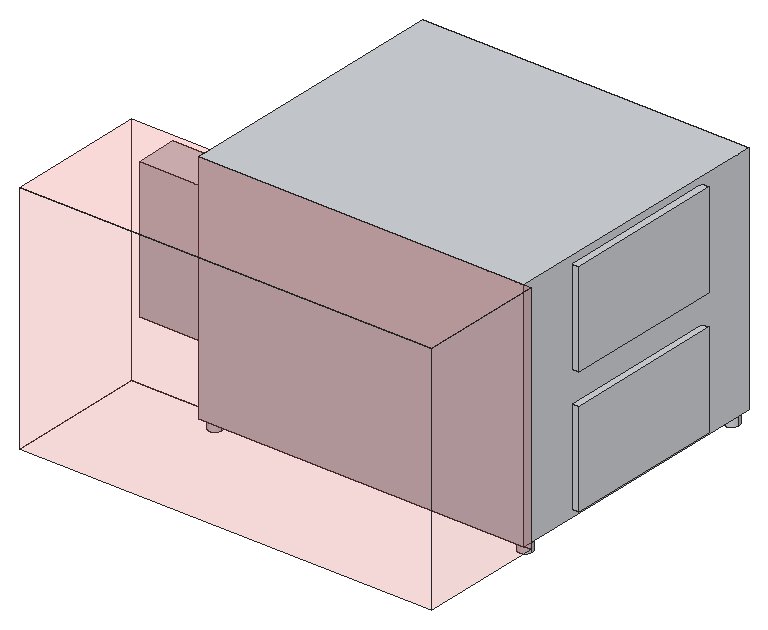
Revit family
Parameters (values of type "115 V Single Phase")
  Weight Scheduled [instance] = 414  # constant formula
  Voltage Workaround = Voltage / 1 V  # 115
  Voltage Scheduled = Voltage  # 115 V
  Voltage = 115 V
  VoltAmps Workaround [instance] = Voltage Workaround * Total FLA * sqrt(Phase)  # 0
  VoltAmps [instance] = VoltAmps Workaround * 1 VA  # 0 VA
  VFD [instance] = no
  URL = "http://www.renewaire.com/_assets/files/SubmittalForms/HE2XINHSubmittal.pdf"
  Total FLA [instance] = if(or(Supply Motor FLA = 0, Exhaust Motor FLA = 0), 0, (Supply Motor FLA * Supply Motor Count) + (Exhaust Motor FLA * Exhaust Motor Count))  # 0
  Supply Motor RPM Scheduled [instance] = Supply Motor RPM  # 0
  Supply Motor RPM [instance] = if(and(or(Supply ESP = 0, Supply ESP > 0), Supply ESP < 0.25), if(Supply Motor HP = 1.5, if(Supply CFM > 2025 CFM, 0, if(Supply CFM > 1809 CFM, 1460, if(Supply CFM > 1592 CFM, 1304, 1148))), if(Supply Motor HP = 2, if(Supply CFM > 2130 CFM, 0, 1506), 0)), if(and(or(Supply ESP = 0.25, Supply ESP > 0.25), Supply ESP < 0.5), if(Supply Motor HP = 1.5, if(Supply CFM > 1950 CFM, 0, if(Supply CFM > 1720 CFM, 1460, if(Supply CFM > 1480 CFM, 1304, 1148))), if(Supply Motor HP = 2, if(Supply CFM > 2170 CFM, 0, if(Supply CFM > 2050 CFM, 1584, 1506)), 0)), if(and(or(Supply ESP = 0.5, Supply ESP > 0.5), Supply ESP < 0.75), if(Supply Motor HP = 1.5, if(Supply CFM > 1845 CFM, 0, if(Supply CFM > 1600 CFM, 1460, if(Supply CFM > 1320 CFM, 1304, 1148))), if(Supply Motor HP = 2, if(Supply CFM > 2200 CFM, 0, if(Supply CFM > 2080 CFM, 1661, if(Supply CFM > 1955 CFM, 1584, 1506))), 0)), if(and(or(Supply ESP = 0.75, Supply ESP > 0.75), Supply ESP < 1), if(Supply Motor HP = 1.5, if(Supply CFM > 1715 CFM, 0, if(Supply CFM > 1410 CFM, 1460, if(Supply CFM > 1120 CFM, 1304, 1148))), if(Supply Motor HP = 2, if(Supply CFM > 2100 CFM, 0, if(Supply CFM > 1970 CFM, 1661, if(Supply CFM > 1840 CFM, 1584, 1506))), 0)), if(and(or(Supply ESP = 1, Supply ESP > 1), Supply ESP < 1.25), if(Supply Motor HP = 1.5, if(Supply CFM > 1540 CFM, 0, if(Supply CFM > 1250 CFM, 1460, if(Supply CFM > 800 CFM, 1306, 1148))), if(Supply Motor HP = 2, if(Supply CFM > 2000 CFM, 0, if(Supply CFM > 1870 CFM, 1661, if(Supply CFM > 1735 CFM, 1584, 1506))), 0)), if(and(or(Supply ESP = 1.25, Supply ESP > 1.25), Supply ESP < 1.5), if(Supply Motor HP = 1.5, if(Supply CFM > 1400 CFM, 0, if(Supply CFM > 975 CFM, 1460, 1304)), if(Supply Motor HP = 2, if(Supply CFM > 1900 CFM, 0, if(Supply CFM > 1765 CFM, 1661, if(Supply CFM > 1585 CFM, 1584, 1506))), 0)), if(Supply ESP = 1.5, if(Supply Motor HP = 1.5, if(Supply CFM > 1165 CFM, 0, if(Supply CFM > 630 CFM, 1460, 1304)), if(Supply Motor HP = 2, if(Supply CFM > 1765 CFM, 0, if(Supply CFM > 1565 CFM, 1661, if(Supply CFM > 1360 CFM, 1584, 1506))), 0)), 0)))))))  # 0
  Supply Motor HP Scheduled [instance] = Supply Motor HP  # 0
  Supply Motor HP [instance] = 0
  Supply Motor FLA [instance] = if(VFD, if(Supply Motor BHP = 0, 0, if(Supply Motor HP = 1.5, if(and(or(Voltage = 208 V, Voltage = 230 V), Phase = 1), 4.8, if(and(or(Voltage = 208 V, Voltage = 230 V), Phase = 3), 4.8, if(and(Voltage = 460 V, Phase = 3), 2.4, if(and(Voltage = 575 V, Phase = 3), 1.8, 0)))), if(Supply Motor HP = 2, if(and(or(Voltage = 208 V, Voltage = 230 V), Phase = 1), 6.1, if(and(or(Voltage = 208 V, Voltage = 230 V), Phase = 3), 6.1, if(and(Voltage = 460 V, Phase = 3), 2.9, if(and(Voltage = 575 V, Phase = 3), 2.4, 0)))), 0))), if(Supply Motor BHP = 0, 0, if(Supply Motor HP = 1.5, if(and(Voltage = 115 V, Phase = 1), 15.2, if(and(or(Voltage = 208 V, Voltage = 230 V), Phase = 1), 8.2, if(and(or(Voltage = 208 V, Voltage = 230 V), Phase = 3), 4.6, if(and(Voltage = 460 V, Phase = 3), 2.4, if(and(Voltage = 575 V, Phase = 3), 1.8, 0))))), if(Supply Motor HP = 2, if(and(Voltage = 115 V, Phase = 1), 20, if(and(or(Voltage = 208 V, Voltage = 230 V), Phase = 1), 10.8, if(and(or(Voltage = 208 V, Voltage = 230 V), Phase = 3), 6.1, if(and(Voltage = 460 V, Phase = 3), 2.9, if(and(Voltage = 575 V, Phase = 3), 2.4, 0))))), 0))))  # 0
  Supply Motor Count Scheduled [instance] = Supply Motor Count  # 1
  Supply Motor Count [instance] = if(Supply Motor HP = 0.75, 2, 1)  # 1
  Supply Motor BHP [instance] = if(and(or(Supply ESP = 0, Supply ESP > 0), Supply ESP < 0.25), if(Supply Motor HP = 1.5, if(Supply CFM > 2025 CFM, 0, if(Supply CFM > 1809 CFM, 1.5, if(Supply CFM > 1592 CFM, 1, 0.7))), if(Supply Motor HP = 2, if(Supply CFM > 2130 CFM, 0, 1.6), 0)), if(and(or(Supply ESP = 0.25, Supply ESP > 0.25), Supply ESP < 0.5), if(Supply Motor HP = 1.5, if(Supply CFM > 1950 CFM, 0, if(Supply CFM > 1720 CFM, 1.4, if(Supply CFM > 1480 CFM, 1, 0.7))), if(Supply Motor HP = 2, if(Supply CFM > 2170 CFM, 0, if(Supply CFM > 2050 CFM, 1.8, 1.5)), 0)), if(and(or(Supply ESP = 0.5, Supply ESP > 0.5), Supply ESP < 0.75), if(Supply Motor HP = 1.5, if(Supply CFM > 1845 CFM, 0, if(Supply CFM > 1600 CFM, 1.3, if(Supply CFM > 1320 CFM, 0.6, 0.9))), if(Supply Motor HP = 2, if(Supply CFM > 2200 CFM, 0, if(Supply CFM > 2080 CFM, 1.9, if(Supply CFM > 1955 CFM, 1.7, 1.4))), 0)), if(and(or(Supply ESP = 0.75, Supply ESP > 0.75), Supply ESP < 1), if(Supply Motor HP = 1.5, if(Supply CFM > 1715 CFM, 0, if(Supply CFM > 1410 CFM, 1.2, if(Supply CFM > 1120 CFM, 0.8, 0.5))), if(Supply Motor HP = 2, if(Supply CFM > 2100 CFM, 0, if(Supply CFM > 1970 CFM, 1.8, if(Supply CFM > 1840 CFM, 1.5, 1.3))), 0)), if(and(or(Supply ESP = 1, Supply ESP > 1), Supply ESP < 1.25), if(Supply Motor HP = 1.5, if(Supply CFM > 1540 CFM, 0, if(Supply CFM > 1250 CFM, 1.1, if(Supply CFM > 800 CFM, 0.7, 0.4))), if(Supply Motor HP = 2, if(Supply CFM > 2000 CFM, 0, if(Supply CFM > 1870 CFM, 1.7, if(Supply CFM > 1735 CFM, 1.4, 1.2))), 0)), if(and(or(Supply ESP = 1.25, Supply ESP > 1.25), Supply ESP < 1.5), if(Supply Motor HP = 1.5, if(Supply CFM > 1400 CFM, 0, if(Supply CFM > 975 CFM, 1, 0.6)), if(Supply Motor HP = 2, if(Supply CFM > 1900 CFM, 0, if(Supply CFM > 1765 CFM, 1.5, if(Supply CFM > 1585 CFM, 1.3, 1))), 0)), if(Supply ESP = 1.5, if(Supply Motor HP = 1.5, if(Supply CFM > 1165 CFM, 0, if(Supply CFM > 630 CFM, 0.8, 0.4)), if(Supply Motor HP = 2, if(Supply CFM > 1765 CFM, 0, if(Supply CFM > 1565 CFM, 1.4, if(Supply CFM > 1360 CFM, 1.1, 0.9))), 0)), 0)))))))  # 0
  Supply ESP Scheduled [instance] = Supply ESP  # 0
  Supply ESP [instance] = 0
  Supply CFM Scheduled [instance] = Supply CFM  # 0 CFM
  Supply CFM [instance] = 0 CFM
  Supply Air Winter RH Scheduled [instance] = 0
  Supply Air Winter DB Scheduled [instance] = 0
  Supply Air Summer RH Scheduled [instance] = 0
  Supply Air Summer DB Scheduled [instance] = 0
  Phase Scheduled = Phase  # 1
  Phase = 1
  Outside Air Winter RH Scheduled [instance] = 0
  Outside Air Winter DB Scheduled [instance] = 0
  Outside Air Summer RH Scheduled [instance] = 0
  Outside Air Summer DB Scheduled [instance] = 0
  Number of Poles = 1
  Model = "HE2XINH"
  Manufacturer = "RenewAire"
  MOCP Scheduled [instance] = MOCP  # 0
  MOCP [instance] = if(VFD, if(Total FLA = 0, 0, if(and(or(Voltage = 208 V, Voltage = 230 V), Phase = 1), if(and(Supply Motor HP = 1.5, Exhaust Motor HP = 1.5), 25, if(and(Supply Motor HP = 2, Exhaust Motor HP = 1.5), 20, if(and(Supply Motor HP = 1.5, Exhaust Motor HP = 2), 20, if(and(Supply Motor HP = 2, Exhaust Motor HP = 2), 30, 0)))), if(and(or(Voltage = 208 V, Voltage = 230 V), Phase = 3), if(and(Supply Motor HP = 1.5, Exhaust Motor HP = 1.5), 15, if(and(Supply Motor HP = 2, Exhaust Motor HP = 1.5), 15, if(and(Supply Motor HP = 1.5, Exhaust Motor HP = 2), 15, if(and(Supply Motor HP = 2, Exhaust Motor HP = 2), 15, 0)))), if(and(Voltage = 460 V, Phase = 3), if(and(Supply Motor HP = 1.5, Exhaust Motor HP = 1.5), 15, if(and(Supply Motor HP = 2, Exhaust Motor HP = 1.5), 15, if(and(Supply Motor HP = 1.5, Exhaust Motor HP = 2), 15, if(and(Supply Motor HP = 2, Exhaust Motor HP = 2), 15, 0)))), if(and(Voltage = 575 V, Phase = 3), if(and(Supply Motor HP = 1.5, Exhaust Motor HP = 1.5), 15, if(and(Supply Motor HP = 2, Exhaust Motor HP = 1.5), 15, if(and(Supply Motor HP = 1.5, Exhaust Motor HP = 2), 15, if(and(Supply Motor HP = 2, Exhaust Motor HP = 2), 15, 0)))), 0))))), if(Total FLA = 0, 0, if(and(Voltage = 115 V, Phase = 1), if(and(Supply Motor HP = 1.5, Exhaust Motor HP = 1.5), 45, if(and(Supply Motor HP = 2, Exhaust Motor HP = 1.5), 60, if(and(Supply Motor HP = 1.5, Exhaust Motor HP = 2), 60, if(and(Supply Motor HP = 2, Exhaust Motor HP = 2), 60, 0)))), if(and(or(Voltage = 208 V, Voltage = 230 V), Phase = 1), if(and(Supply Motor HP = 1.5, Exhaust Motor HP = 1.5), 25, if(and(Supply Motor HP = 2, Exhaust Motor HP = 1.5), 30, if(and(Supply Motor HP = 1.5, Exhaust Motor HP = 2), 30, if(and(Supply Motor HP = 2, Exhaust Motor HP = 2), 35, 0)))), if(and(or(Voltage = 208 V, Voltage = 230 V), Phase = 3), if(and(Supply Motor HP = 1.5, Exhaust Motor HP = 1.5), 15, if(and(Supply Motor HP = 2, Exhaust Motor HP = 1.5), 15, if(and(Supply Motor HP = 1.5, Exhaust Motor HP = 2), 15, if(and(Supply Motor HP = 2, Exhaust Motor HP = 2), 15, 0)))), if(and(Voltage = 460 V, Phase = 3), if(and(Supply Motor HP = 1.5, Exhaust Motor HP = 1.5), 15, if(and(Supply Motor HP = 2, Exhaust Motor HP = 1.5), 15, if(and(Supply Motor HP = 1.5, Exhaust Motor HP = 2), 15, if(and(Supply Motor HP = 2, Exhaust Motor HP = 2), 15, 0)))), if(and(Voltage = 575 V, Phase = 3), if(and(Supply Motor HP = 1.5, Exhaust Motor HP = 1.5), 15, if(and(Supply Motor HP = 2, Exhaust Motor HP = 1.5), 15, if(and(Supply Motor HP = 1.5, Exhaust Motor HP = 2), 15, if(and(Supply Motor HP = 2, Exhaust Motor HP = 2), 15, 0)))), 0)))))))  # 0
  MCA Scheduled [instance] = MCA  # 0
  MCA [instance] = if(VFD, if(Total FLA = 0, 0, if(and(or(Voltage = 208 V, Voltage = 230 V), Phase = 1), if(and(Supply Motor HP = 1.5, Exhaust Motor HP = 1.5), 20.6, if(and(Supply Motor HP = 2, Exhaust Motor HP = 1.5), 23.6, if(and(Supply Motor HP = 1.5, Exhaust Motor HP = 2), 23.6, if(and(Supply Motor HP = 2, Exhaust Motor HP = 2), 26, 0)))), if(and(or(Voltage = 208 V, Voltage = 230 V), Phase = 3), if(and(Supply Motor HP = 1.5, Exhaust Motor HP = 1.5), 11.9, if(and(Supply Motor HP = 2, Exhaust Motor HP = 1.5), 13.6, if(and(Supply Motor HP = 1.5, Exhaust Motor HP = 2), 13.6, if(and(Supply Motor HP = 2, Exhaust Motor HP = 2), 15, 0)))), if(and(Voltage = 460 V, Phase = 3), if(and(Supply Motor HP = 1.5, Exhaust Motor HP = 1.5), 5.9, if(and(Supply Motor HP = 2, Exhaust Motor HP = 1.5), 6.6, if(and(Supply Motor HP = 1.5, Exhaust Motor HP = 2), 6.6, if(and(Supply Motor HP = 2, Exhaust Motor HP = 2), 7.2, 0)))), if(and(Voltage = 575 V, Phase = 3), if(and(Supply Motor HP = 1.5, Exhaust Motor HP = 1.5), 4.5, if(and(Supply Motor HP = 2, Exhaust Motor HP = 1.5), 5.3, if(and(Supply Motor HP = 1.5, Exhaust Motor HP = 2), 5.3, if(and(Supply Motor HP = 2, Exhaust Motor HP = 2), 5.9, 0)))), 0))))), if(Total FLA = 0, 0, if(and(Voltage = 115 V, Phase = 1), if(and(Supply Motor HP = 1.5, Exhaust Motor HP = 1.5), 34.2, if(and(Supply Motor HP = 2, Exhaust Motor HP = 1.5), 40.2, if(and(Supply Motor HP = 1.5, Exhaust Motor HP = 2), 40.2, if(and(Supply Motor HP = 2, Exhaust Motor HP = 2), 45, 0)))), if(and(or(Voltage = 208 V, Voltage = 230 V), Phase = 1), if(and(Supply Motor HP = 1.5, Exhaust Motor HP = 1.5), 18.5, if(and(Supply Motor HP = 2, Exhaust Motor HP = 1.5), 21.7, if(and(Supply Motor HP = 1.5, Exhaust Motor HP = 2), 21.7, if(and(Supply Motor HP = 2, Exhaust Motor HP = 2), 24.3, 0)))), if(and(or(Voltage = 208 V, Voltage = 230 V), Phase = 3), if(and(Supply Motor HP = 1.5, Exhaust Motor HP = 1.5), 11.9, if(and(Supply Motor HP = 2, Exhaust Motor HP = 1.5), 13.6, if(and(Supply Motor HP = 1.5, Exhaust Motor HP = 2), 13.6, if(and(Supply Motor HP = 2, Exhaust Motor HP = 2), 13.6, 0)))), if(and(Voltage = 460 V, Phase = 3), if(and(Supply Motor HP = 1.5, Exhaust Motor HP = 1.5), 5.4, if(and(Supply Motor HP = 2, Exhaust Motor HP = 1.5), 6, if(and(Supply Motor HP = 1.5, Exhaust Motor HP = 2), 6, if(and(Supply Motor HP = 2, Exhaust Motor HP = 2), 6.5, 0)))), if(and(Voltage = 575 V, Phase = 3), if(and(Supply Motor HP = 1.5, Exhaust Motor HP = 1.5), 4.1, if(and(Supply Motor HP = 2, Exhaust Motor HP = 1.5), 4.8, if(and(Supply Motor HP = 1.5, Exhaust Motor HP = 2), 4.8, if(and(Supply Motor HP = 2, Exhaust Motor HP = 2), 5.4, 0)))), 0)))))))  # 0
  FLA Scheduled [instance] = Total FLA  # 0
  Exhaust RH Scheduled [instance] = 0
  Exhaust Motor RPM Scheduled [instance] = Exhaust Motor RPM  # 0
  Exhaust Motor RPM [instance] = if(and(or(Exhaust ESP = 0, Exhaust ESP > 0), Exhaust ESP < 0.25), if(Exhaust Motor HP = 1.5, if(Exhaust CFM > 2025 CFM, 0, if(Exhaust CFM > 1809 CFM, 1460, if(Exhaust CFM > 1592 CFM, 1304, 1148))), if(Exhaust Motor HP = 2, if(Exhaust CFM > 2130 CFM, 0, 1506), 0)), if(and(or(Exhaust ESP = 0.25, Exhaust ESP > 0.25), Exhaust ESP < 0.5), if(Exhaust Motor HP = 1.5, if(Exhaust CFM > 1950 CFM, 0, if(Exhaust CFM > 1720 CFM, 1460, if(Exhaust CFM > 1480 CFM, 1304, 1148))), if(Exhaust Motor HP = 2, if(Exhaust CFM > 2170 CFM, 0, if(Exhaust CFM > 2050 CFM, 1584, 1506)), 0)), if(and(or(Exhaust ESP = 0.5, Exhaust ESP > 0.5), Exhaust ESP < 0.75), if(Exhaust Motor HP = 1.5, if(Exhaust CFM > 1845 CFM, 0, if(Exhaust CFM > 1600 CFM, 1460, if(Exhaust CFM > 1320 CFM, 1304, 1148))), if(Exhaust Motor HP = 2, if(Exhaust CFM > 2200 CFM, 0, if(Exhaust CFM > 2080 CFM, 1661, if(Exhaust CFM > 1955 CFM, 1584, 1506))), 0)), if(and(or(Exhaust ESP = 0.75, Exhaust ESP > 0.75), Exhaust ESP < 1), if(Exhaust Motor HP = 1.5, if(Exhaust CFM > 1715 CFM, 0, if(Exhaust CFM > 1410 CFM, 1460, if(Exhaust CFM > 1120 CFM, 1304, 1148))), if(Exhaust Motor HP = 2, if(Exhaust CFM > 2100 CFM, 0, if(Exhaust CFM > 1970 CFM, 1661, if(Exhaust CFM > 1840 CFM, 1584, 1506))), 0)), if(and(or(Exhaust ESP = 1, Exhaust ESP > 1), Exhaust ESP < 1.25), if(Exhaust Motor HP = 1.5, if(Exhaust CFM > 1540 CFM, 0, if(Exhaust CFM > 1250 CFM, 1460, if(Exhaust CFM > 800 CFM, 1306, 1148))), if(Exhaust Motor HP = 2, if(Exhaust CFM > 2000 CFM, 0, if(Exhaust CFM > 1870 CFM, 1661, if(Exhaust CFM > 1735 CFM, 1584, 1506))), 0)), if(and(or(Exhaust ESP = 1.25, Exhaust ESP > 1.25), Exhaust ESP < 1.5), if(Exhaust Motor HP = 1.5, if(Exhaust CFM > 1400 CFM, 0, if(Exhaust CFM > 975 CFM, 1460, 1304)), if(Exhaust Motor HP = 2, if(Exhaust CFM > 1900 CFM, 0, if(Exhaust CFM > 1765 CFM, 1661, if(Exhaust CFM > 1585 CFM, 1584, 1506))), 0)), if(Exhaust ESP = 1.5, if(Exhaust Motor HP = 1.5, if(Exhaust CFM > 1165 CFM, 0, if(Exhaust CFM > 630 CFM, 1460, 1304)), if(Exhaust Motor HP = 2, if(Exhaust CFM > 1765 CFM, 0, if(Exhaust CFM > 1565 CFM, 1661, if(Exhaust CFM > 1360 CFM, 1584, 1506))), 0)), 0)))))))  # 0
  Exhaust Motor HP Scheduled [instance] = Exhaust Motor HP  # 0
  Exhaust Motor HP [instance] = 0
  Exhaust Motor FLA [instance] = if(VFD, if(Exhaust Motor BHP = 0, 0, if(Exhaust Motor HP = 1.5, if(and(or(Voltage = 208 V, Voltage = 230 V), Phase = 1), 4.8, if(and(or(Voltage = 208 V, Voltage = 230 V), Phase = 3), 4.8, if(and(Voltage = 460 V, Phase = 3), 2.4, if(and(Voltage = 575 V, Phase = 3), 1.8, 0)))), if(Exhaust Motor HP = 2, if(and(or(Voltage = 208 V, Voltage = 230 V), Phase = 1), 6.1, if(and(or(Voltage = 208 V, Voltage = 230 V), Phase = 3), 6.1, if(and(Voltage = 460 V, Phase = 3), 2.9, if(and(Voltage = 575 V, Phase = 3), 2.4, 0)))), 0))), if(Exhaust Motor BHP = 0, 0, if(Exhaust Motor HP = 1.5, if(and(Voltage = 115 V, Phase = 1), 15.2, if(and(or(Voltage = 208 V, Voltage = 230 V), Phase = 1), 8.2, if(and(or(Voltage = 208 V, Voltage = 230 V), Phase = 3), 4.6, if(and(Voltage = 460 V, Phase = 3), 2.4, if(and(Voltage = 575 V, Phase = 3), 1.8, 0))))), if(Exhaust Motor HP = 2, if(and(Voltage = 115 V, Phase = 1), 20, if(and(or(Voltage = 208 V, Voltage = 230 V), Phase = 1), 10.8, if(and(or(Voltage = 208 V, Voltage = 230 V), Phase = 3), 6.1, if(and(Voltage = 460 V, Phase = 3), 2.9, if(and(Voltage = 575 V, Phase = 3), 2.4, 0))))), 0))))  # 0
  Exhaust Motor Count Scheduled [instance] = Exhaust Motor Count  # 1
  Exhaust Motor Count [instance] = if(Exhaust Motor HP = 0.75, 2, 1)  # 1
  Exhaust Motor BHP [instance] = if(and(or(Exhaust ESP = 0, Exhaust ESP > 0), Exhaust ESP < 0.25), if(Exhaust Motor HP = 1.5, if(Exhaust CFM > 2025 CFM, 0, if(Exhaust CFM > 1809 CFM, 1.5, if(Exhaust CFM > 1592 CFM, 1, 0.7))), if(Exhaust Motor HP = 2, if(Exhaust CFM > 2130 CFM, 0, 1.6), 0)), if(and(or(Exhaust ESP = 0.25, Exhaust ESP > 0.25), Exhaust ESP < 0.5), if(Exhaust Motor HP = 1.5, if(Exhaust CFM > 1950 CFM, 0, if(Exhaust CFM > 1720 CFM, 1.4, if(Exhaust CFM > 1480 CFM, 1, 0.7))), if(Exhaust Motor HP = 2, if(Exhaust CFM > 2170 CFM, 0, if(Exhaust CFM > 2050 CFM, 1.8, 1.5)), 0)), if(and(or(Exhaust ESP = 0.5, Exhaust ESP > 0.5), Exhaust ESP < 0.75), if(Exhaust Motor HP = 1.5, if(Exhaust CFM > 1845 CFM, 0, if(Exhaust CFM > 1600 CFM, 1.3, if(Exhaust CFM > 1320 CFM, 0.6, 0.9))), if(Exhaust Motor HP = 2, if(Exhaust CFM > 2200 CFM, 0, if(Exhaust CFM > 2080 CFM, 1.9, if(Exhaust CFM > 1955 CFM, 1.7, 1.4))), 0)), if(and(or(Exhaust ESP = 0.75, Exhaust ESP > 0.75), Exhaust ESP < 1), if(Exhaust Motor HP = 1.5, if(Exhaust CFM > 1715 CFM, 0, if(Exhaust CFM > 1410 CFM, 1.2, if(Exhaust CFM > 1120 CFM, 0.8, 0.5))), if(Exhaust Motor HP = 2, if(Exhaust CFM > 2100 CFM, 0, if(Exhaust CFM > 1970 CFM, 1.8, if(Exhaust CFM > 1840 CFM, 1.5, 1.3))), 0)), if(and(or(Exhaust ESP = 1, Exhaust ESP > 1), Exhaust ESP < 1.25), if(Exhaust Motor HP = 1.5, if(Exhaust CFM > 1540 CFM, 0, if(Exhaust CFM > 1250 CFM, 1.1, if(Exhaust CFM > 800 CFM, 0.7, 0.4))), if(Exhaust Motor HP = 2, if(Exhaust CFM > 2000 CFM, 0, if(Exhaust CFM > 1870 CFM, 1.7, if(Exhaust CFM > 1735 CFM, 1.4, 1.2))), 0)), if(and(or(Exhaust ESP = 1.25, Exhaust ESP > 1.25), Exhaust ESP < 1.5), if(Exhaust Motor HP = 1.5, if(Exhaust CFM > 1400 CFM, 0, if(Exhaust CFM > 975 CFM, 1, 0.6)), if(Exhaust Motor HP = 2, if(Exhaust CFM > 1900 CFM, 0, if(Exhaust CFM > 1765 CFM, 1.5, if(Exhaust CFM > 1585 CFM, 1.3, 1))), 0)), if(Exhaust ESP = 1.5, if(Exhaust Motor HP = 1.5, if(Exhaust CFM > 1165 CFM, 0, if(Exhaust CFM > 630 CFM, 0.8, 0.4)), if(Exhaust Motor HP = 2, if(Exhaust CFM > 1765 CFM, 0, if(Exhaust CFM > 1565 CFM, 1.4, if(Exhaust CFM > 1360 CFM, 1.1, 0.9))), 0)), 0)))))))  # 0
  Exhaust ESP Scheduled [instance] = Exhaust ESP  # 0
  Exhaust ESP [instance] = 0
  Exhaust DB Scheduled [instance] = 0
  Exhaust CFM Scheduled [instance] = Exhaust CFM  # 0 CFM
  Exhaust CFM [instance] = 0 CFM
  Enthalpy Effect Winter Scheduled [instance] = 0
  Enthalpy Effect Summer Scheduled [instance] = 0
Types (6): name | Voltage Workaround | Voltage Scheduled | Voltage | VFD | Phase Scheduled | Phase | Number of Poles
  (no name) | 115 | 115 V | 115 V | no | 1 | 1 | 1
  208-230 V Single Phase | 208 | 208 V | 208 V | yes | 1 | 1 | 2
  115 V Single Phase | 115 | 115 V | 115 V | no | 1 | 1 | 1
  208-230 V Three Phase | 208 | 208 V | 208 V | yes | 3 | 3 | 3
  460 V Three Phase | 460 | 460 V | 460 V | yes | 3 | 3 | 3
  575 V Three Phase | 575 | 575 V | 575 V | yes | 3 | 3 | 3
Reference planes (in)
  plane 1 "Center (Front/Back)": y = 0
  plane 2: z = 0
  plane 3 "Center (Left/Right)": x = 0
Forms (in)
  Extrusion 1, solid
    sketch origin (0, 0, 0) x (1, 0, 0) y (0, 1, 0)
      loop
        line (-24.125, 20.75) -> (-24.125, -20.75) -> (24.125, -20.75) -> (24.125, 20.75) -> (-24.125, 20.75)
    from 1.5 to 36.25
  Extrusion 2, solid
    sketch origin (-24.125, 15.69165, 0) x (0, 1, 0) y (0, 0, -1)
      loop
        line (-26.69165, -30) -> (-26.69165, -9.375) -> (-32.89933, -9.375) -> (-32.89933, -30) -> (-26.69165, -30)
    from 0 to 11.625
  Extrusion 3, solid
    sketch origin (0, 0, 0) x (1, 0, 0) y (0, 1, 0)
      loop
        circle (-23.00209, 19.12331) r 1
      loop
        circle (23.00209, 19.12331) r 1
      loop
        circle (-23.00209, -19.12331) r 1
      loop
        circle (23.00209, -19.12331) r 1
    from 0 to 36.25
  Extrusion 4, solid
    sketch origin (-24.125, 14.19165, 0) x (0, 1, 0) y (0, 0, -1)
      loop
        line (-2.44165, -31) -> (-2.44165, -19) -> (-18.44165, -19) -> (-18.44165, -31) -> (-2.44165, -31)
      loop
        line (-2.44165, -14.625) -> (-2.44165, -2.625) -> (-18.44165, -2.625) -> (-18.44165, -14.625) -> (-2.44165, -14.625)
    from 0 to 4.25
  Extrusion 5, solid
    sketch origin (24.125, 14.44165, 0) x (0, 1, 0) y (0, 0, 1)
      loop
        line (-2.44165, 35.25) -> (-26.44165, 35.25) -> (-26.44165, 21.25) -> (-2.44165, 21.25) -> (-2.44165, 35.25)
      loop
        line (-2.44165, 16.625) -> (-26.44165, 16.625) -> (-26.44165, 2.625) -> (-2.44165, 2.625) -> (-2.44165, 16.625)
    from 0 to 1.125
  Extrusion 6, solid
    sketch origin (0, 0, 0) x (1, 0, 0) y (0, 1, 0)
      loop
        line (-35.75, -18.58268) -> (-35.75, -39.25) -> (25.25, -39.25) -> (25.25, -20.75) -> (-24.125, -20.75) -> (-24.125, -18.58268) -> (-35.75, -18.58268)
    from 1.5 to 36.25
Cuts and joins
  joined: Extrusion 1, Extrusion 2, Extrusion 3, Extrusion 4, Extrusion 5
Dimensions and locks (in)
  locked: Extrusion 5 sketch curve to Extrusion 5 sketch curve at 24  (x2)
  locked: Extrusion 5 sketch curve to Extrusion 5 sketch curve at 14  (x2)
  Extrusion 3 to Extrusion 5 sketch curve = 1' - 9 1/4"
  Extrusion 3 to Extrusion 5 sketch curve = 0' - 2 5/8"
  Extrusion 6 sketch curve to Extrusion 6 sketch curve = 5' - 1"
  cut or joined group of Extrusion 1, Extrusion 2, Extrusion 3, Extrusion 4, Extrusion 5 to cut or joined group of Extrusion 1, Extrusion 2, Extrusion 3, Extrusion 4, Extrusion 5 = 3' - 0 1/4"
  cut or joined group of Extrusion 1, Extrusion 2, Extrusion 3, Extrusion 4, Extrusion 5 to cut or joined group of Extrusion 1, Extrusion 2, Extrusion 3, Extrusion 4, Extrusion 5 = 2' - 10 3/4"
  cut or joined group of Extrusion 1, Extrusion 2, Extrusion 3, Extrusion 4, Extrusion 5 to cut or joined group of Extrusion 1, Extrusion 2, Extrusion 3, Extrusion 4, Extrusion 5 = 0' - 9"  (x2)
Connectors (in)
  hvac at (25.25, 0, 28.25), driven by "Exhaust CFM"
    settings: on cut or joined group of Extrusion 1, Extrusion 2, Extrusion 3, Extrusion 4, Extrusion 5, index 1, duct flow 0 CFM, flow factor 0, pres drop 0.00 in-wg, loss coef 0, conn angle 0.00°, conn width 24", conn height 14", conn radius 12", duct sys type 1, conn prof type 1, flow config 0, flow direction 1, loss method 0, conn ref index -1, conn util no, is conn primary yes, conn desc ""
  hvac at (25.25, 0, 9.625), driven by "Supply CFM"
    settings: on cut or joined group of Extrusion 1, Extrusion 2, Extrusion 3, Extrusion 4, Extrusion 5, index 2, duct flow 0 CFM, flow factor 0, pres drop 0.00 in-wg, loss coef 0, conn angle 0.00°, conn width 24", conn height 14", conn radius 12", duct sys type 3, conn prof type 1, flow config 0, flow direction 1, loss method 0, conn ref index -1, conn util no, is conn primary no, conn desc ""
  hvac at (-28.375, 3.75, 25), driven by "Supply CFM"
    settings: on cut or joined group of Extrusion 1, Extrusion 2, Extrusion 3, Extrusion 4, Extrusion 5, index 3, duct flow 0 CFM, flow factor 0, pres drop 0.00 in-wg, loss coef 0, conn angle 0.00°, conn width 16", conn height 12", conn radius 12", duct sys type 3, conn prof type 1, flow config 1, flow direction 2, loss method 0, conn ref index -1, conn util no, is conn primary no, conn desc ""
  hvac at (-28.375, 3.75, 8.625), driven by "Exhaust CFM"
    settings: on cut or joined group of Extrusion 1, Extrusion 2, Extrusion 3, Extrusion 4, Extrusion 5, index 4, duct flow 0 CFM, flow factor 0, pres drop 0.00 in-wg, loss coef 0, conn angle 0.00°, conn width 16", conn height 12", conn radius 12", duct sys type 1, conn prof type 1, flow config 0, flow direction 2, loss method 0, conn ref index -1, conn util no, is conn primary no, conn desc ""
  electrical at (0, 0, 36.25), driven by "VoltAmps", driven by "Voltage", driven by "Number of Poles"
    settings: on cut or joined group of Extrusion 1, Extrusion 2, Extrusion 3, Extrusion 4, Extrusion 5, index 5, voltage 115 V, apparent load 0 VA, apparent load phase1 0 VA, apparent load phase2 0 VA, apparent load phase3 0 VA, power factor 1, load classification "HVAC", number of poles 1, system type 30, power factor state 1, is connector primary yes, connector utility no, sub classification motor no, connector description ""
